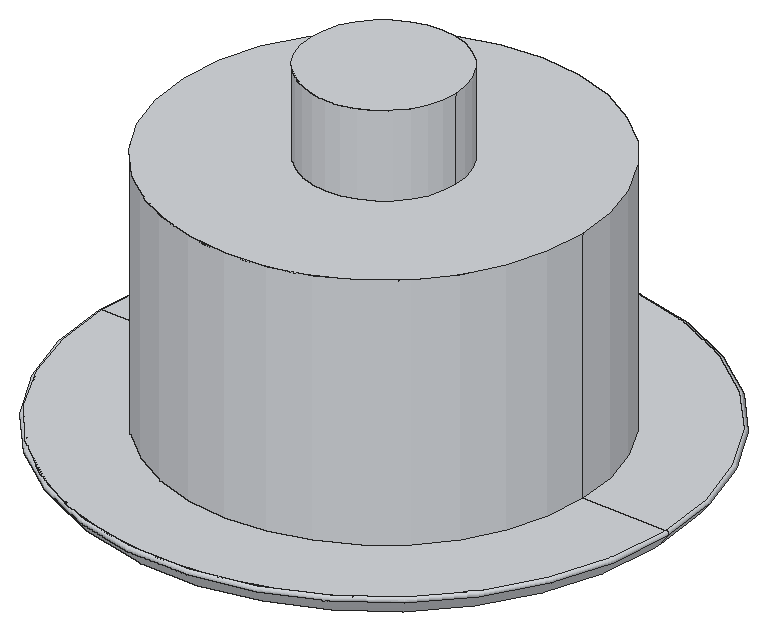
Revit family
Parameters (values of type "RASCO RFS42 CONCEALED")
  Temperature Rating = 165 °F
  Response = (empty or 0)
  RASCO SIN # = "RA4835"
  RASCO Part # = "2216172499 & 6887231308"
  Pressure Rating = "175 PSI"
  Pressure Class = (empty or 0)
  Orifice Size = 3/8"
  Orifice = (empty or 0)
  Model = "RFS42 Concealed HSW"
  Manufacturer = "RASCO"
  K-Factor = 4.2
  Diameter = 5 5/128"
  Description = "WHITE FINISH"
  Coverage = 1
Reference planes (in)
  plane 1 "Center (Front/Back)": y = 0
  plane 2: z = 0
  plane 3 "Center (Left/Right)": x = 0
Nested families (in)
  nested 1: "RASCO- RFS42" at (0, 0.22324, 0), type "RASCO GFS CONCEALED"
Connectors (in)
  piping at (0, 0.22324, 2.026), driven by "Orifice Size"
    settings: on nested 1, index 1, connector radius 3/8", flow factor 0, pipe flow 0 GPM, pressure drop 0.00 psi, fitting loss kfactor 0, connector angle 0.00°, fixture units 0, flow configuration 0, flow direction 0, fitting loss method 0, system type 7, connector reference index -1, connector utility 0, adjustable connector no, is connector primary yes, fitting loss table "", connector description ""
Definition of nested family "RASCO- RFS42"
  Parameters (values of type "RASCO GFS CONCEALED")
    Type Comments = ""
    Temperature Rating = 0 °F
    Response = (empty or 0)
    Pressure Rating = "0"
    Pressure Class = (empty or 0)
    Orifice Size = 0"
    Orifice = (empty or 0)
    Model = ""
    Manufacturer = ""
    K-Factor = 0
    Coverage = (empty or 0)
    Assembly Code = ""
  Reference planes (in)
    plane 1 "Center (Front/Back)": y = 0
    plane 2: z = 0
    plane 3 "Center (Left/Right)": x = 0
    plane 4 "ref.2": z = 0.181
    plane 5 "ref.3": z = 2.151
  Forms (in)
    Extrusion 1, solid
      sketch origin (0, 0, 0.181) x (-1, 0, 0) y (0, -1, 0)
        loop
          circle (0, 0) r 1.156
      from 0 to 1.375
    Extrusion 2, solid
      sketch origin (0, 0, 1.26779) x (-1, 0, 0) y (0, -1, 0)
        loop
          circle (0, 0) r 0.42
      from 0.28821 to 0.75821
    Revolve 3, solid
      sketch origin (0, 0, 0) x (1, 0, 0) y (0, 0, 1)
        loop
          line (0, 0.181) -> (-1.6354, 0.181)
          arc (-1.6354, 0.181) -> (-1.64866, 0.17328) -> (-1.64851, 0.15794) r 0.01525
          arc (-1.64851, 0.15794) -> (-1.53047, 0.04225) -> (-1.37067, 0) r 0.32334
          line (-1.37067, 0) -> (0, 0) -> (0, 0.181)
        axis (0, 0.181) -> (0, 0)
      angle from 0 to 360
